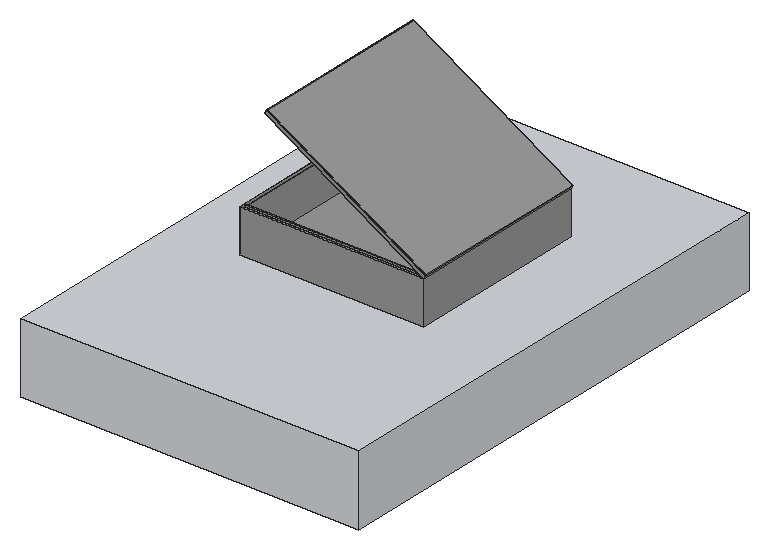
Revit family "Hager-Univers-IP44-D205-H800-Cl.I-Encl-CH-fr", category Equipement électrique, Revit 2020
Family settings
  Hôte = Face
  Configuration du panneau = Deux colonnes, circuits au sein
  Cote de connecteur circulaire = Utiliser le diamètre
  Type d'élément = Tableau de raccordement
  Couper avec des vides une fois chargée = Non
  Partagée = Non
  Point de calcul de pièce = Non
Parameters (values of type "saillie IP44 L800 H800 P205  - FP53TN2")
  Width Control [instance] = if([EF000008 - largeur] > Min Width, [EF000008 - largeur], Min Width)  # 800 mm
  Commentaires du type = [HG000003 - Gamme]  # "Univers"
  Thickness Door [instance] = if([EF009171 - épaisseur de matériau de la porte/du couvercle] > 3 mm, 3 mm, [EF009171 - épaisseur de matériau de la porte/du couvercle])  # 1 mm
  Seal Frame Offset [instance] = 17 mm  # constant formula
  Plinth Visibility [instance] = [HG000027 - Hauteur du socle] > 0 mm  # no
  Model = ""
  Min Width [instance] = 100 mm  # constant formula
  Min Height [instance] = 100 mm  # constant formula
  Min Depth [instance] = (2 * [EF009170 - épaisseur de matériau du boîtier]) + 1 mm  # 3 mm
  Internal Frame Depth [instance] = (Door System Depth * 0.5)  # 9 mm
  Height Control [instance] = if([EF000040 - hauteur] > Min Height, [EF000040 - hauteur], Min Height)  # 800 mm
  HG000027 - Hauteur du socle = 0 mm
  HG000026 - Installation au sol = no
  HG000024 - Hauteur de la section basse = 800 mm
  HG000023 - Armoire double section = no
  HG000016 - Visibilité de la porte 3D [instance] = yes
  HG000015 - Visibilité de l'emprise de la porte [instance] = no
  HG000014 - Porte à droite [instance] = yes
  HG000013 - Porte à gauche [instance] = not([HG000014 - Porte à droite])  # no
  HG000012 - Angle de pivotement de la porte [instance] = 30.00°
  HG000010 - Portes asymétriques = no
  HG000009 - Porte à double battant = no
  HG000006 - Encastré = no
  HG000004 - Référence fabricant = "FP53TN2"
  HG000003 - Gamme = "Univers"
  HG000002 - avec porte = yes
  Frame Offset Bottom [instance] = 10 mm  # constant formula
  Frame Offset [instance] = 15 mm  # constant formula
  EF015940 - couvercle avec décharge de pression = no
  EF011959 - degré de protection (NEMA) = ""
  EF009554 - nombre d'ouvertures pour plaques à bride = 6
  Fabricant = "Hager"  # constant formula
  EF009212 - finition du couvercle = "EV000116 - fermé"
  EF009171 - épaisseur de matériau de la porte/du couvercle = 1 mm
  EF009170 - épaisseur de matériau du boîtier = 1 mm
  EF008873 - courant nominal (In) = 250 A
  EF007800 - adapté à un parafoudre = no
  EF006306 - avec serrure = no
  EF006244 - couvercle/porte transparent(e) = no
  EF005474 - indice de protection (IP) = "EV006418 - IP44"
  EF004464 - type de porte = "EV002646 - unique"
  EF004427 - nombre de modules = 180
  EF004293 - indice de protection contre les chocs (IK) = "EV006815 - IK09"
  EF003532 - convient pour utilisation à l’extérieur = no
  EF002950 - largeur en nombre de modules = 36
  EF001613 - maintien de fonction = "EV000494 - sans"
  EF001596 - matériau du boîtier/corps = "EV000179 - acier"
  EF001131 - profondeur intérieure = 205 mm
  EF001088 - possibilité de montage en saillie = yes
  EF000437 - nombre d'entrées de conduit = 6
  EF000339 - type de capot = "EV001012 - couvercle"
  EF000266 - nombre de rangées = 5
  EF000218 - profondeur d'encastrement = 205 mm
  EF000118 - avec cadre/support de montage = no
  EF000116 - numéro RAL = "9010"
  EF000049 - profondeur = 205 mm
  EF000040 - hauteur = 800 mm
  EF000008 - largeur = 800 mm
  EF000007 - couleur = "EV000202 - blanc"
  EF000003 - mode de pose = "EV000384 - saillie"
  Door System Leaf Tolerance [instance] = 1.5 mm  # constant formula
  Door System Depth [instance] = 18 mm  # constant formula
  Door Height [instance] = Height Control - [HG000027 - Hauteur du socle]  # 800 mm
  Depth Control [instance] = if([EF000049 - profondeur] > Min Depth, [EF000049 - profondeur], Min Depth)  # 205 mm
  Default Elevation = 0 mm
  Connector Offset [instance] = Height Control / 2  # 400 mm
  Bottom Top Plate Trim [instance] = 1.5 mm  # constant formula
  Plinth height Ctrl [instance] = if([HG000027 - Hauteur du socle] > 0 mm, [HG000027 - Hauteur du socle], 12 mm)  # 12 mm
Types (10, lengths in mm): name | Width Control | HG000010 - Portes asymétriques | HG000009 - Porte à double battant | HG000004 - Référence fabricant | EF009554 - nombre d'ouvertures pour plaques à bride | EF004464 - type de porte | EF004427 - nombre de modules | EF002950 - largeur en nombre de modules | EF000437 - nombre d'entrées de conduit | EF000218 - profondeur d'encastrement | EF000008 - largeur
  saillie IP44 L1050 H800 P205  - FP54QT | 1050 | no | no | "FP54QT" | 8 | "EV003602 - double" | 240 | 48 | 8 | 0 | 1050
  saillie IP44 L1050 H800 P205  - FP54TN2 | 1050 | no | yes | "FP54TN2" | 8 | "EV003602 - double" | 240 | 48 | 8 | 205 | 1050
  saillie IP44 L1300 H800 P205  - FP55QT | 1300 | no | no | "FP55QT" | 10 | "EV003602 - double" | 300 | 60 | 10 | 0 | 1300
  saillie IP44 L1300 H800 P205  - FP55TN2 | 1300 | yes | yes | "FP55TN2" | 10 | "EV003602 - double" | 300 | 60 | 10 | 205 | 1300
  saillie IP44 L300 H800 P205  - FP51QT | 300 | no | no | "FP51QT" | 2 | "EV002646 - unique" | 60 | 12 | 2 | 0 | 300
  saillie IP44 L300 H800 P205  - FP51TN2 | 300 | no | no | "FP51TN2" | 2 | "EV002646 - unique" | 60 | 12 | 2 | 205 | 300
  saillie IP44 L550 H800 P205  - FP52QT | 550 | no | no | "FP52QT" | 4 | "EV002646 - unique" | 120 | 24 | 4 | 0 | 550
  saillie IP44 L550 H800 P205  - FP52TN2 | 550 | no | no | "FP52TN2" | 4 | "EV002646 - unique" | 120 | 24 | 4 | 205 | 550
  saillie IP44 L800 H800 P205  - FP53QT | 800 | no | no | "FP53QT" | 6 | "EV002646 - unique" | 180 | 36 | 6 | 0 | 800
  saillie IP44 L800 H800 P205  - FP53TN2 | 800 | no | no | "FP53TN2" | 6 | "EV002646 - unique" | 180 | 36 | 6 | 205 | 800
Reference planes
  plane 1 "Center (Front/Back)": y = 0
  plane 2: z = 0
  plane 3 "Center (Left/Right)": x = 0
  plane 4: z = 205
  plane 5: y = 1
  plane 6: y = 400
  plane 7: y = 0
  plane 8: y = 800
  plane 9: z = 0
  plane 10: x = -385
  plane 11: x = 385
  plane 12: x = 384
  plane 13: x = -384
  plane 14: y = 799
  plane 15: x = -383
  plane 16: x = -400
  plane 17: x = 383
  plane 18: x = 400
  plane 19: x = 399
  plane 20: x = -399
  plane 21: y = 11
  plane 22: y = 800
  plane 23: y = 784
  plane 24: z = 187
  plane 25: z = 1
  plane 26: z = 186
  plane 27: z = 204
Forms (mm)
  Extrusion 1, solid
    sketch origin (0, 0, 0) x (1, 0, 0) y (0, 1, 0)
      loop
        line (-702.964, 1305) -> (-702.964, -811.445) -> (766.763, -811.445) -> (766.763, 1305) -> (-702.964, 1305)
    from 0 to -304.8
  Extrusion 2, solid, material "Hager_Steel_RAL7035_Light_Grey", visible <- "Plinth Visibility", detail levels medium+fine
    sketch origin (0, 0, 0) x (1, 0, 0) y (0, 1, 0)
      loop
        line (-400, 0) -> (400, 0) -> (400, 12) -> (-400, 12) -> (-400, 0)
    from 0 to 187
  Extrusion 3, solid, material "Hager_Steel_RAL7035_Light_Grey", detail levels medium+fine
    sketch origin (0, 0, 0) x (1, 0, 0) y (0, 1, 0)
      loop
        line (-400, 0) -> (400, 0) -> (400, 800) -> (-400, 800) -> (-400, 0)
    from 0 to 187
  Extrusion 4, void
    sketch origin (0, 0, 0) x (1, 0, 0) y (0, 1, 0)
      loop
        line (-399, 1) -> (399, 1) -> (399, 799) -> (-399, 799) -> (-399, 1)
    from 1 to 186
  Extrusion 5, void
    sketch origin (-381.607, -4572, 187) x (0, -1, 0) y (-1, 0, 0)
      loop
        line (-4583, 2.393) -> (-5356, 2.393) -> (-5356, -765.607) -> (-4583, -765.607) -> (-4583, 2.393)
    from 0 to 1 <- "EF009170 - épaisseur de matériau du boîtier"
  Extrusion 6, solid, material "Hager_Steel_RAL7035_Light_Grey", detail levels fine
    sketch origin (0, 0, 187) x (1, 0, 0) y (0, 1, 0)
      loop
        line (-384, 784) -> (-384, 11) -> (384, 11) -> (384, 784) -> (-384, 784)
      loop
        line (-385, 10) -> (385, 10) -> (385, 785) -> (-385, 785) -> (-385, 10)
    from 0 to 9 <- "Internal Frame Depth"
  Extrusion 7, solid, material "Hager_Steel_RAL7035_Light_Grey", detail levels coarse
    sketch origin (0, 0, 0) x (1, 0, 0) y (0, 1, 0)
      loop
        line (-400, 0) -> (400, 0) -> (400, 800) -> (-400, 800) -> (-400, 0)
    from 0 to 205
  Sweep 8, void
    path in 3D
      loop
        line (-400, 12, 0) -> (400, 12, 0) -> (400, 12, 187) -> (-400, 12, 187) -> (-400, 12, 0)
    profile origin (-400, 12, 93.5) x (-1, 0, 0) y (0, -1, 0)
      loop
        line (0, 0) -> (0, 1.5) -> (-1.5, 1.5)
        arc (-1.5, 1.5) -> (-1.061, 0.439) -> (0, 0) r 1.5
Cuts and joins
  Extrusion 4, Extrusion 5 cuts Extrusion 3
  Sweep 8 cuts Extrusion 2
Lines and regions (mm)
  Masking region 1
    outline origin (0, 0, 0) x (1, 0, 0) y (0, 0, 1)
      loop
        line (-400, 205) -> (-400, 0) -> (400, 0) -> (400, 205) -> (-400, 205)
  Masking region 2, detail levels medium+fine
    outline origin (0, 140, 0) x (0, 1, 0) y (0, 0, 1)
      loop
        line (-140, 0) -> (660, 0) -> (660, 187) -> (-140, 187) -> (-140, 0)
  Masking region 3, not visible, detail levels medium+fine
    outline origin (0, 297.922, 0) x (0, 1, 0) y (0, 0, 1)
      loop
        line (113.578, 0) -> (153.578, 0) -> (153.578, 194)
        arc (153.578, 194) -> (150.649, 201.071) -> (143.578, 204) r 10
        line (143.578, 204) -> (113.578, 204) -> (113.578, 0)
  Masking region 4, detail levels coarse
    outline origin (0, 0, 180) x (0, 1, 0) y (0, 0, 1)
      loop
        line (0, -180) -> (800, -180) -> (800, 25) -> (0, 25) -> (0, -180)
  Masking region 5, visible <- "Plinth Visibility", detail levels medium+fine
    outline origin (0, 52.24, 12.345) x (0, 0, -1) y (0, 1, 0)
      loop
        line (10.845, -40.24) -> (-173.155, -40.24)
        arc (-173.155, -40.24) -> (-173.594, -41.301) -> (-174.655, -41.74) r 1.5
        line (-174.655, -41.74) -> (-174.655, -52.24) -> (12.345, -52.24) -> (12.345, -41.74)
        arc (12.345, -41.74) -> (11.285, -41.301) -> (10.845, -40.24) r 1.5
  Masking region 6, detail levels medium+fine
    outline origin (-381.607, -4572, 187) x (-1, 0, 0) y (0, -1, 0)
      loop
        line (18.393, -5372) -> (18.393, -4572) -> (-781.607, -4572) -> (-781.607, -5372) -> (18.393, -5372)
  Masking region 7, visible <- "Plinth Visibility", detail levels medium+fine
    outline origin (-381.607, -4727, 187) x (-1, 0, 0) y (0, -1, 0)
      loop
        arc (16.893, -4739) -> (17.332, -4737.939) -> (18.393, -4737.5) r 1.5
        line (18.393, -4737.5) -> (18.393, -4727) -> (-781.607, -4727) -> (-781.607, -4737.5)
        arc (-781.607, -4737.5) -> (-780.546, -4737.939) -> (-780.107, -4739) r 1.5
        line (-780.107, -4739) -> (16.893, -4739)
  Masking region 8, detail levels coarse
    outline origin (-442.548, -4669.526, 187) x (-1, 0, 0) y (0, -1, 0)
      loop
        line (-42.548, -5469.526) -> (-42.548, -4669.526) -> (-842.548, -4669.526) -> (-842.548, -5469.526) -> (-42.548, -5469.526)
  sketch lines
    curve 1: line (-400, 12, 187) -> (-400, 12, 0)
    curve 2: line (400, 12, 187) -> (-400, 12, 187)
    curve 3: line (400, 12, 187) -> (400, 12, 0)
    curve 4: line (-400, 12, 0) -> (400, 12, 0)
Dimensions and locks
  "Depth Control": plane 4 to Extrusion 1
  "HG000027 - Hauteur du socle": plane 1 "Center (Front/Back)" to plane 7
  "EF009170 - épaisseur de matériau du boîtier": plane 5 to plane 7
  locked: connector elem to plane 3 "Center (Left/Right)"
  equal spacing: plane 8, plane 6, plane 7
  locked: connector elem to plane 6
  "EF009170 - épaisseur de matériau du boîtier": plane 8 to plane 14
  "EF009170 - épaisseur de matériau du boîtier": plane 10 to plane 13
  "EF009170 - épaisseur de matériau du boîtier": plane 12 to plane 11
  "Frame Offset": plane 20 to plane 13
  "Frame Offset": plane 12 to plane 19
  "EF009170 - épaisseur de matériau du boîtier": plane 16 to plane 20
  "EF009170 - épaisseur de matériau du boîtier": plane 19 to plane 18
  "Seal Frame Offset": plane 16 to plane 15
  "Seal Frame Offset": plane 17 to plane 18
  "Frame Offset Bottom": plane 21 to plane 5
  "Frame Offset": plane 14 to plane 23
  equal spacing: plane 16, plane 3 "Center (Left/Right)", plane 18
  "Width Control": plane 16 to plane 18
  "EF009170 - épaisseur de matériau du boîtier": plane 4 to plane 27
  "EF009170 - épaisseur de matériau du boîtier": plane 24 to plane 26
  "EF009170 - épaisseur de matériau du boîtier": plane 25 to level
  "Door System Depth": plane 4 to plane 24
  "Height Control": plane 1 "Center (Front/Back)" to Extrusion 7 sketch curve
  "Height Control": Masking region 4 sketch curve to plane 1 "Center (Front/Back)"
  "Height Control": plane 1 "Center (Front/Back)" to plane 22
  "Bottom Top Plate Trim": profile plane to Sweep 8 sketch curve
  "Bottom Top Plate Trim": Sweep 8 sketch curve to profile plane
  "Plinth height Ctrl": plane 1 "Center (Front/Back)" to Extrusion 2 sketch curve
  "Plinth height Ctrl": Masking region 5 sketch curve to plane 1 "Center (Front/Back)"
  "Plinth height Ctrl": plane 1 "Center (Front/Back)" to Masking region 7 sketch curve
  "Thickness Door": Extrusion 6 sketch curve to Extrusion 6 sketch curve  (x3)
  "Thickness Door": cut or joined group of Extrusion 3, Extrusion 4, Extrusion 5 to Extrusion 6 sketch curve
  radius of Masking region 3 sketch curve = 10 mm
  "Bottom Top Plate Trim": radius of Masking region 5 sketch curve  (x2)
  "Bottom Top Plate Trim": radius of Sweep 8 sketch curve
  "Bottom Top Plate Trim": radius of Masking region 7 sketch curve  (x2)
  aligned and locked: plane 2 to Extrusion 1
  aligned and locked: level to Extrusion 1
  aligned and locked: level to Masking region 1 sketch curve
  aligned and locked: Masking region 1 sketch curve to plane 18
  aligned and locked: Masking region 1 sketch curve to plane 16
  aligned and locked: plane 7 to Masking region 2 sketch curve
  aligned and locked: level to Masking region 3 sketch curve
  aligned and locked: Masking region 3 sketch curve to plane 27
  aligned and locked: level to Masking region 2 sketch curve
  aligned and locked: plane 1 "Center (Front/Back)" to Extrusion 2 sketch curve
  aligned and locked: Extrusion 3 sketch curve to plane 7
  aligned and locked: plane 16 to Extrusion 3 sketch curve
  aligned and locked: plane 18 to Extrusion 3 sketch curve
  aligned and locked: plane 20 to Extrusion 4 sketch curve
  aligned and locked: plane 19 to Extrusion 4 sketch curve
  aligned and locked: Extrusion 4 sketch curve to plane 5
  aligned and locked: Extrusion 4 to plane 25
  aligned and locked: plane 26 to Extrusion 4
  aligned and locked: plane 24 to Extrusion 3
  aligned and locked: Extrusion 5 sketch curve to plane 21
  aligned and locked: Extrusion 5 sketch curve to plane 13
  aligned and locked: Extrusion 5 sketch curve to plane 12
  aligned and locked: plane 18 to Extrusion 7 sketch curve
  aligned and locked: plane 1 "Center (Front/Back)" to Extrusion 7 sketch curve
  aligned and locked: plane 16 to Extrusion 7 sketch curve
  aligned and locked: plane 4 to Extrusion 7
  aligned and locked: Extrusion 7 to level
  aligned and locked: level to Masking region 4 sketch curve
  aligned and locked: Masking region 4 sketch curve to plane 1 "Center (Front/Back)"
  aligned and locked: Masking region 4 sketch curve to plane 4
  aligned and locked: nested 1 to level
  aligned and locked: nested 1 to plane 16
  aligned and locked: plane 8 to Extrusion 3 sketch curve
  aligned and locked: plane 23 to Extrusion 5 sketch curve
  aligned and locked: plane 14 to Extrusion 4 sketch curve
  aligned and locked: Masking region 2 sketch curve to plane 8
  aligned and locked: level to Masking region 5 sketch curve
  aligned and locked: plane 16 to Extrusion 2 sketch curve
  aligned and locked: plane 18 to Extrusion 2 sketch curve
  aligned and locked: Masking region 5 sketch curve to plane 24
  aligned and locked: Masking region 2 sketch curve to plane 24
  aligned and locked: plane 24 to Extrusion 2
  aligned and locked: profile plane to Sweep 8 sketch curve  (x2)
  aligned and locked: Masking region 6 sketch curve to plane 18
  aligned and locked: Masking region 6 sketch curve to plane 22
  aligned and locked: Masking region 6 sketch curve to plane 16
  aligned and locked: plane 8 to plane 22
  aligned and locked: Masking region 6 sketch curve to plane 7
  aligned and locked: Masking region 7 sketch curve to plane 16
  aligned and locked: Masking region 7 sketch curve to plane 1 "Center (Front/Back)"
  aligned and locked: Masking region 7 sketch curve to plane 18
  aligned and locked: Masking region 8 sketch curve to plane 1 "Center (Front/Back)"
  aligned and locked: Masking region 8 sketch curve to plane 18
  aligned and locked: Masking region 8 sketch curve to plane 22
  aligned and locked: Masking region 8 sketch curve to plane 16
  aligned and locked: nested 2 to plane 7
  aligned and locked: plane 3 "Center (Left/Right)" to nested 2
  aligned and locked: nested 2 to plane 24
  aligned and locked: Extrusion 6 sketch curve to cut or joined group of Extrusion 3, Extrusion 4, Extrusion 5  (x4)
Automatic sketch dimensions
  Extrusion 1 sketch curve to Extrusion 1 sketch curve = 1469.727 mm
  Extrusion 1 sketch curve to Extrusion 1 sketch curve = 2116.445 mm
  Masking region 1 sketch curve to plane 4 = 0 mm
  plane 6 to Masking region 3 sketch curve = 11.5 mm
  Masking region 3 sketch curve to Masking region 3 sketch curve = 30 mm
  Masking region 5 sketch curve to plane 1 "Center (Front/Back)" = 0 mm
Nested families
  nested 1: "Hager_Enclosure_Symbol" at (-400, 0, 0) x (1, 0, 0) z (0, -1, 0), Height <- "Depth Control", Width <- "Width Control", type "Hager_Enclosure_Symbol"
    with Width_Ctrl 800 mm, Width 800 mm, Height_Ctrl 205 mm, Height 205 mm, A_Width_Int 13.453 mm, A_Width 161.438 mm, A_Height_Ctrl 179.375 mm, A_Height 179.375 mm
  nested 2: "EC000058_Univers_Door" at (0, 0, 187) x (1, 0, 0) z (0, 1, 0), Leaf_Tolerance <- "Door System Leaf Tolerance", Angle <- "HG000012 - Angle de pivotement de la porte", Door_Depth <- "Door System Depth", Door_Left <- "HG000013 - Porte à gauche", Transparent <- "EF006244 - couvercle/porte transparent(e)", Assymetrical <- "HG000010 - Portes asymétriques", Width <- "Width Control", Clearance <- "HG000015 - Visibilité de l'emprise de la porte", Double <- "HG000009 - Porte à double battant", 3d_Door <- "HG000016 - Visibilité de la porte 3D", Lock_Visibility <- "EF006306 - avec serrure", Width_Ctrl <- "Width Control", Door_Right <- "HG000014 - Porte à droite", Door <- "HG000002 - avec porte", Height <- "Door Height", Thickness <- "Thickness Door", type "EC000058_Univers_Door", detail levels medium+fine
    with min_wh 3 mm, Width_Ctrl 800 mm, Width 800 mm, Transparent no, Thickness 1 mm, Seal_Material Hager_Rubber, Lock_Visibility no, Lock_Material Hager_Plastic_RAL9005_Jet_Black, Leaf_Width 800 mm, Leaf_Tolerance_External_Sides 0 mm, Leaf_Tolerance 1.5 mm, Leaf_Offset 0 mm, Leaf_Height 797 mm, Leaf_2_Width 800 mm, Leaf_2_Offset 400 mm, Leaf_1_Width 800 mm, Leaf_1_Offset 400 mm, Height_Ctrl 800 mm, Height 800 mm, Glass_Material Hager_Glass, Double_Clearance_Ctrl no, Double no, Door_Right_Ctrl yes, Door_Right yes, Door_Material Hager_Steel_RAL7035_Light_Grey, Door_Left_Ctrl no, Door_Left no, Door_Depth 18 mm, Door yes, Clearance_Material Hager_Clearance, Clearance_Depth 800 mm, Clearance_Ctrl no, Clearance no, Assymetrical no, Angle 30.00°, 3d_Door yes
Connectors
  electrical at (0, 400, 0)
    settings: on plane 9, index 1, voltage 0 V, apparent load 0 VA, apparent load phase1 0 VA, apparent load phase2 0 VA, apparent load phase3 0 VA, power factor 1, load classification "Other", number of poles 1, system type 30, power factor state 1, is connector primary yes, connector utility no, sub classification motor no, connector description ""
Definition of nested family "EC000058_Univers_Door"
  Parameters (values of type "EC000058_Univers_Door")
    min_wh [instance] = (2 * Thickness) + 1 mm  # 11 mm
    Width_Ctrl [instance] = 400 mm
    Width [instance] = 500 mm
    Transparent [instance] = yes
    Thickness [instance] = 5 mm
    Seal_Material [instance] = none
    Lock_Visibility [instance] = yes
    Lock_Material [instance] = none
    Leaf_Width [instance] = if((Width_Ctrl - 2 * Leaf_Tolerance_External_Sides) > 0 mm, (Width_Ctrl - 2 * Leaf_Tolerance_External_Sides), min_wh)  # 400 mm
    Leaf_Tolerance_External_Sides [instance] = 0 mm  # constant formula
    Leaf_Tolerance [instance] = 1.5 mm
    Leaf_Offset [instance] = 0 mm  # constant formula
    Leaf_Height [instance] = if((Height_Ctrl - 2 * Leaf_Tolerance) > 0 mm, (Height_Ctrl - 2 * Leaf_Tolerance), min_wh)  # 497 mm
    Leaf_2_Width [instance] = if(and(and(Double, Assymetrical), Door_Left), (Leaf_Width / 3) - (Leaf_Tolerance / 2), if(and(and(Double, Assymetrical), Door_Right), (Leaf_Width / 3) * 2 - (Leaf_Tolerance / 2), if(and(Double, not(Assymetrical)), (Leaf_Width / 2) - Leaf_Tolerance, Leaf_Width)))  # 400 mm
    Leaf_2_Offset [instance] = if(and(Double, Assymetrical), Leaf_2_Width / 2, if(and(Double, not(Assymetrical)), Leaf_Width / 4, Leaf_Width / 2))  # 200 mm
    Leaf_1_Width [instance] = if(and(and(Double, Assymetrical), Door_Right), (Leaf_Width / 3) - (Leaf_Tolerance / 2), if(and(and(Double, Assymetrical), Door_Left), (Width / 3) * 2 - (Leaf_Tolerance / 2), if(and(Double, not(Assymetrical)), (Leaf_Width / 2) - Leaf_Tolerance, Leaf_Width)))  # 400 mm
    Leaf_1_Offset [instance] = if(and(Double, Assymetrical), Leaf_1_Width / 2, if(and(Double, not(Assymetrical)), Leaf_Width / 4, Leaf_Width / 2))  # 200 mm
    Height_Ctrl [instance] = if(Height > min_wh, Height, min_wh)  # 500 mm
    Height [instance] = 500 mm
    Glass_Material [instance] = none
    Double_Clearance_Ctrl [instance] = and(Double, Clearance)  # no
    Double [instance] = no
    Door_Right_Ctrl [instance] = and(or(Door_Right, Double), Door)  # yes
    Door_Right [instance] = yes
    Door_Material [instance] = none
    Door_Left_Ctrl [instance] = and(or(Door_Left, Double), Door)  # no
    Door_Left [instance] = no
    Door_Depth [instance] = 30 mm
    Door [instance] = yes
    Default Elevation = 1219.2 mm
    Clearance_Material [instance] = none
    Clearance_Depth [instance] = if(Leaf_1_Width > Leaf_2_Width, Leaf_1_Width, Leaf_2_Width)  # 400 mm
    Clearance_Ctrl [instance] = and(not(Double), Clearance)  # yes
    Clearance [instance] = yes
    Assymetrical [instance] = yes
    Angle [instance] = 30.00°
    3d_Door [instance] = yes
  Reference planes
    plane 1 "Center (Front/Back)": y = 0
    plane 2 "Bottom": z = 0
    plane 3 "Center (Left/Right)": x = 0
    plane 4: z = 500
    plane 5: x = -200
    plane 6: x = 200
    plane 7: z = 500
    plane 8: x = -200
    plane 9: z = 0
    plane 10: x = 200
    plane 11: y = 0
    plane 12: z = 1.5
    plane 13: x = -600
    plane 14: y = -400
    plane 15: x = 600
    plane 16: x = 0
    plane 17: x = 0
    plane 18: x = -200
    plane 19: x = 200
    plane 20: z = 498.5
  Forms (mm)
    Extrusion 1, solid, material <- "Clearance_Material", visible <- "Double_Clearance_Ctrl"
      sketch origin (1200, 0, 0) x (1, 0, 0) y (0, 0, -1)
        loop
          line (-1800, -498.5) -> (-600, -498.5) -> (-600, 0) -> (-1800, 0) -> (-1800, -498.5)
      from 0 to -400
  Dimensions and locks
    equal spacing: plane 5, plane 3 "Center (Left/Right)", plane 6
    "Width_Ctrl": plane 5 to plane 6
    "Leaf_Offset": plane 5 to plane 8
    "Leaf_Offset": plane 6 to plane 10
    "Leaf_Offset": plane 9 to level
    "Leaf_Offset": plane 4 to plane 7
    "Height_Ctrl": plane 4 to level
    "Leaf_Tolerance": plane 12 to plane 9
    locked: plane 11 to plane 1 "Center (Front/Back)"
    "Leaf_1_Offset": plane 18 to plane 16
    "Leaf_2_Offset": plane 17 to plane 19
    "Leaf_1_Width": plane 13 to plane 8
    "Leaf_2_Width": plane 10 to plane 15
    "Clearance_Depth": plane 14 to plane 1 "Center (Front/Back)"
    "Leaf_Tolerance_External_Sides": plane 8 to plane 18
    "Leaf_Tolerance_External_Sides": plane 19 to plane 10
    "Leaf_Tolerance": plane 7 to plane 20
    aligned and locked: level to plane 2 "Bottom"
    aligned and locked: nested 1 to plane 16
    aligned and locked: nested 2 to plane 17
    aligned and locked: Extrusion 1 to plane 13
    aligned and locked: plane 15 to Extrusion 1
    aligned and locked: Extrusion 1 to plane 14
    aligned and locked: plane 12 to nested 1
    aligned and locked: nested 2 to plane 12
    aligned and locked: Extrusion 1 to plane 11
    aligned and locked: plane 20 to Extrusion 1
    aligned and locked: nested 2 to plane 11
    aligned and locked: nested 1 to plane 11
  Automatic sketch dimensions
    Extrusion 1 sketch curve to level = 0 mm
    plane 5 to Extrusion 1 sketch curve = 400 mm
    plane 6 to Extrusion 1 sketch curve = 400 mm
    Extrusion 1 sketch curve to plane 4 = 1.5 mm
  Nested families
    nested 1: "EC000058_Univers_Door_Leaf" at (0, 0, 1.5), Width <- "Leaf_1_Width", visible <- "Door_Left_Ctrl", Leaf_Height <- "Leaf_Height", Angle <- "Angle", 3d_Door <- "3d_Door", Transparent <- "Transparent", Clearance Material <- "Clearance_Material", Clearance <- "Clearance_Ctrl", Door_Material <- "Door_Material", Glass_Material <- "Glass_Material", Door_Depth <- "Door_Depth", Lock_Material <- "Lock_Material", Seal_Material <- "Seal_Material", Lock_Visibility <- "Lock_Visibility", Thickness <- "Thickness", type "EC000058_Univers_Door_Leaf"
      with Width 400 mm, Transparent_Glass_Offset 30 mm, Transparent_Ctrl yes, Transparent yes, Thickness 5 mm, Standard no, Seal_Material none, Seal_D2 8 mm, Seal_D1 1 mm, Offset_Internal_Frame 10 mm, Lock_Width 20 mm, Lock_Visibility_3d yes, Lock_Visibility yes, Lock_Thickness_3 3 mm, Lock_Thickness_2 1 mm, Lock_Thickness_1 3 mm, Lock_Radius_Offset_2 16 mm, Lock_Radius_Offset_1 15 mm, Lock_Radius_2 5 mm, Lock_Radius 6 mm, Lock_Offset 5 mm, Lock_Material none, Lock_Height 80 mm, Lock_Cover_Top_Offset_2d 17 mm, Lock_Cover_Height -65 mm, Leaf_Height 497 mm, Internal_Seal_Thickness 8 mm, Internal_Seal_Depth_2 4.5 mm, Internal_Frame_Depth 25 mm, Glass_Thickness -1 mm, Glass_Offset -2 mm, Glass_Material none, Door_Material none, Door_Depth 30 mm, Clearance Material none, Clearance yes, Angle_Ctrl 30.00°, Angle 30.00°, 3d_Door yes
    nested 2: "EC000058_Univers_Door_Leaf" at (0, 0, 1.5) x (-1, 0, 0) z (0, 0, 1), Width <- "Leaf_2_Width", visible <- "Door_Right_Ctrl", Leaf_Height <- "Leaf_Height", Angle <- "Angle", 3d_Door <- "3d_Door", Transparent <- "Transparent", Clearance Material <- "Clearance_Material", Clearance <- "Clearance_Ctrl", Door_Material <- "Door_Material", Glass_Material <- "Glass_Material", Door_Depth <- "Door_Depth", Lock_Material <- "Lock_Material", Seal_Material <- "Seal_Material", Lock_Visibility <- "Lock_Visibility", Thickness <- "Thickness", type "EC000058_Univers_Door_Leaf"
      with Width 400 mm, Transparent_Glass_Offset 30 mm, Transparent_Ctrl yes, Transparent yes, Thickness 5 mm, Standard no, Seal_Material none, Seal_D2 8 mm, Seal_D1 1 mm, Offset_Internal_Frame 10 mm, Lock_Width 20 mm, Lock_Visibility_3d yes, Lock_Visibility yes, Lock_Thickness_3 3 mm, Lock_Thickness_2 1 mm, Lock_Thickness_1 3 mm, Lock_Radius_Offset_2 16 mm, Lock_Radius_Offset_1 15 mm, Lock_Radius_2 5 mm, Lock_Radius 6 mm, Lock_Offset 5 mm, Lock_Material none, Lock_Height 80 mm, Lock_Cover_Top_Offset_2d 17 mm, Lock_Cover_Height -65 mm, Leaf_Height 497 mm, Internal_Seal_Thickness 8 mm, Internal_Seal_Depth_2 4.5 mm, Internal_Frame_Depth 25 mm, Glass_Thickness -1 mm, Glass_Offset -2 mm, Glass_Material none, Door_Material none, Door_Depth 30 mm, Clearance Material none, Clearance yes, Angle_Ctrl 30.00°, Angle 30.00°, 3d_Door yes
  Definition of nested family "EC000058_Univers_Door_Leaf"
    Parameters (values of type "EC000058_Univers_Door_Leaf")
      Width [instance] = 2000 mm
      Transparent_Glass_Offset [instance] = 30 mm
      Transparent_Ctrl [instance] = and(Transparent, [3d_Door])  # yes
      Transparent [instance] = yes
      Thickness [instance] = 5 mm
      Standard [instance] = and(not(Transparent), [3d_Door])  # no
      Seal_Material [instance] = none
      Seal_D2 [instance] = 8 mm  # constant formula
      Seal_D1 [instance] = 1 mm  # constant formula
      Offset_Internal_Frame [instance] = 10 mm  # constant formula
      Lock_Width [instance] = 20 mm  # constant formula
      Lock_Visibility_3d [instance] = and(Lock_Visibility, [3d_Door])  # yes
      Lock_Visibility [instance] = yes
      Lock_Thickness_3 [instance] = 3 mm  # constant formula
      Lock_Thickness_2 [instance] = 1 mm  # constant formula
      Lock_Thickness_1 [instance] = 3 mm  # constant formula
      Lock_Radius_Offset_2 [instance] = Lock_Radius_Offset_1 + 1 mm  # 16 mm
      Lock_Radius_Offset_1 [instance] = 15 mm  # constant formula
      Lock_Radius_2 [instance] = Lock_Radius - 1 mm  # 5 mm
      Lock_Radius [instance] = 6 mm  # constant formula
      Lock_Offset [instance] = 5 mm  # constant formula
      Lock_Material [instance] = none
      Lock_Height [instance] = 80 mm  # constant formula
      Lock_Cover_Top_Offset_2d [instance] = Lock_Radius_Offset_2 + 1 mm  # 17 mm
      Lock_Cover_Height [instance] = -(Lock_Height - Lock_Radius_Offset_1)  # -65 mm
      Leaf_Height [instance] = 2720.336 mm
      Internal_Seal_Thickness [instance] = 8 mm  # constant formula
      Internal_Seal_Depth_2 [instance] = 4.5 mm  # constant formula
      Internal_Frame_Depth [instance] = if(Door_Depth - Thickness > 5 mm, Door_Depth - Thickness, 5 mm)  # 25 mm
      Glass_Thickness [instance] = if(Thickness > 15 mm, Glass_Offset + 10 mm, -1 mm)  # -1 mm
      Glass_Offset [instance] = if(Thickness > 15 mm, -(Thickness + 10 mm) / 2, -2 mm)  # -2 mm
      Glass_Material [instance] = none
      Door_Material [instance] = none
      Door_Depth [instance] = 30 mm
      Default Elevation = 0 mm
      Clearance Material [instance] = none
      Clearance [instance] = yes
      Angle_Ctrl [instance] = if(Angle > 180.00°, 180.00°, Angle)  # 90.00°
      Angle [instance] = 90.00°
      3d_Door [instance] = yes
    Reference planes
      plane 1 "Center (Front/Back)": y = 0
      plane 2: z = 0
      plane 3 "Center (Left/Right)": x = 0
      plane 4: y = 2000
      plane 5: x = -1000
      plane 6: x = 1000
      plane 7: x = -3000
      plane 8: z = 2720.336
      plane 9: z = 30
      plane 10: z = 2690.336
      plane 11: x = 970
      plane 12: x = -970
      plane 13: y = -3
      plane 14: z = 107.833
      plane 15: y = -5
      plane 16: y = -223.314
      plane 17: x = -1000
      plane 18: z = 1360.168
      plane 19: y = 30
    Forms (mm)
      Extrusion 1, solid, material <- "Clearance Material", visible <- "Clearance"
        sketch origin (0, 0, 0) x (1, 0, 0) y (0, 0, 1)
          loop
            line (-3000, 2720.336) -> (-3000, 0) -> (1000, 0) -> (1000, 2720.336) -> (-3000, 2720.336)
        from 0 to -2000
      Extrusion 2, solid, material <- "Door_Material", visible <- "Standard", detail levels medium+fine
        sketch origin (-1000, 0, 0) x (0, 1, 0) y (-1, 0, 0)
          loop
            line (0, 30) -> (0, 25) -> (2000, 25) -> (2000, 30) -> (0, 30)
        from 0 to 2720.336 <- "Leaf_Height"
      Extrusion 3, solid, material <- "Door_Material", visible <- "Transparent_Ctrl", detail levels medium+fine
        sketch origin (-1000, 0, 0) x (0, 1, 0) y (-1, 0, 0)
          loop
            line (0, 25) -> (2000, 25) -> (2000, 30) -> (0, 30) -> (0, 25)
        from 0 to 2720.336 <- "Leaf_Height"
      Extrusion 4, void
        sketch origin (-1025, 2000, 0) x (0, 1, 0) y (0, 0, -1)
          loop
            line (-30, -2690.336) -> (-30, -30) -> (-1970, -30) -> (-1970, -2690.336) -> (-30, -2690.336)
        from 0 to 5 <- "Thickness"
      Sweep 5, solid, material <- "Seal_Material", visible <- "Transparent_Ctrl", detail levels fine
        path in 3D
          loop
            line (-1025, 30, 30) -> (-1025, 30, 2690.336) -> (-1025, 1970, 2690.336) -> (-1025, 1970, 30) -> (-1025, 30, 30)
        profile origin (-1025, 1000, 30) x (1, 0, 0) y (0, 0, 1)
          loop
            line (0, 0) -> (0, -8) -> (1, -8) -> (1, 0) -> (0, 0)
      Extrusion 6, solid, material <- "Glass_Material", visible <- "Transparent_Ctrl", detail levels medium+fine
        sketch origin (-1030, 0, 0) x (0, 1, 0) y (0, 0, -1)
          loop
            line (1970, -2690.336) -> (1970, -30) -> (30, -30) -> (30, -2690.336) -> (1970, -2690.336)
        from -2 <- "Glass_Offset" to -1 <- "Glass_Thickness"
      Extrusion 7, solid, material <- "Door_Material", visible <- "3d_Door", detail levels medium+fine
        sketch origin (-1025, 2000, 0) x (0, -1, 0) y (0, 0, -1)
          loop
            line (0, -2720.336) -> (2000, -2720.336) -> (2000, 0) -> (0, 0) -> (0, -2720.336)
          loop
            line (1995, -5) -> (5, -5) -> (5, -2715.336) -> (1995, -2715.336) -> (1995, -5)
        from 0 to 25 <- "Internal_Frame_Depth"
      Sweep 8, solid, material <- "Seal_Material", visible <- "Transparent_Ctrl", detail levels fine
        path in 3D
          loop
            line (-1025, 0, 0) -> (-1025, 2000, 0) -> (-1025, 2000, 2720.336) -> (-1025, 0, 2720.336) -> (-1025, 0, 0)
        profile origin (-1025, 0, 1360.168) x (1, 0, 0) y (0, 1, 0)
          loop
            line (0, 10) -> (2.975, 10)
            arc (2.975, 10) -> (4.053, 10.447) -> (4.5, 11.525) r 1.525
            line (4.5, 11.525) -> (4.5, 16.527)
            arc (4.5, 16.527) -> (4.069, 17.569) -> (3.027, 18) r 1.473
            line (3.027, 18) -> (0, 18) -> (0, 10)
      Extrusion 9, solid, material <- "Lock_Material", visible <- "Lock_Visibility_3d", detail levels fine
        sketch origin (-1030, 0, 0) x (0, 1, 0) y (0, 0, -1)
          loop
            arc (1993.5, -1400.168) -> (1994.561, -1399.729) -> (1995, -1398.668) r 1.5
            line (1995, -1398.668) -> (1995, -1320.168) -> (1975, -1320.168) -> (1975, -1398.668)
            arc (1975, -1398.668) -> (1975.439, -1399.729) -> (1976.5, -1400.168) r 1.5
            line (1976.5, -1400.168) -> (1993.5, -1400.168)
        from 3 <- "Lock_Thickness_1" to 0
      Blend 10, solid, material <- "Lock_Material", visible <- "Lock_Visibility_3d", detail levels fine
        base sketch origin (-1033, 0, 0) x (0, 1, 0) y (0, 0, -1)
          loop
            line (1975, -1320.168) -> (1975, -1398.668)
            arc (1975, -1398.668) -> (1975.439, -1399.729) -> (1976.5, -1400.168) r 1.5
            line (1976.5, -1400.168) -> (1993.5, -1400.168)
            arc (1993.5, -1400.168) -> (1994.561, -1399.729) -> (1995, -1398.668) r 1.5
            line (1995, -1398.668) -> (1995, -1320.168) -> (1975, -1320.168)
        top sketch origin (-1033, 0, 0) x (0, 1, 0) y (0, 0, -1)
          loop
            line (1976, -1320.168) -> (1976, -1398.668)
            arc (1976, -1398.668) -> (1976.146, -1399.022) -> (1976.5, -1399.168) r 0.5
            line (1976.5, -1399.168) -> (1993.5, -1399.168)
            arc (1993.5, -1399.168) -> (1993.854, -1399.022) -> (1994, -1398.668) r 0.5
            line (1994, -1398.668) -> (1994, -1320.168) -> (1976, -1320.168)
        from 0 to 1 <- "Lock_Thickness_2"
      Blend 11, solid, material <- "Lock_Material", visible <- "Lock_Visibility_3d", detail levels fine
        base sketch origin (-1034, 0, 0) x (0, 1, 0) y (0, 0, -1)
          loop
            line (1978, -1320.168) -> (1978, -1384.168)
            arc (1978, -1384.168) -> (1985, -1391.168) -> (1992, -1384.168) r 7
            line (1992, -1384.168) -> (1992, -1320.168) -> (1978, -1320.168)
        top sketch origin (-1034, 0, 0) x (0, 1, 0) y (0, 0, -1)
          loop
            line (1991, -1320.168) -> (1979, -1320.168) -> (1979, -1383.168)
            arc (1979, -1383.168) -> (1985, -1389.168) -> (1991, -1383.168) r 6
            line (1991, -1383.168) -> (1991, -1320.168)
        from 0 to 3 <- "Lock_Thickness_3"
      Extrusion 12, solid, material <- "Lock_Material", visible <- "Lock_Visibility_3d", detail levels fine
        sketch origin (-1030, 1975, 1320.168) x (1, 0, 0) y (0, -1, 0)
          loop
            line (-7, -19) -> (-7, -1) -> (0, -1) -> (0, 0) -> (-8, 0) -> (-8, -20) -> (0, -20) -> (0, -19) -> (-7, -19)
        from 0 to -65 <- "Lock_Cover_Height"
      Extrusion 13, void
        sketch origin (-1038, 1995, 1320.168) x (-1, 0, 0) y (0, 0, -1)
          loop
            line (-5, -65) -> (0, -65) -> (-5, -60) -> (-5, -65)
        from 0 to 20 <- "Lock_Width"
      Extrusion 14, void
        sketch origin (-1038, 1975, 1320.168) x (0, -1, 0) y (0, 0, -1)
          loop
            circle (-10, -15.995) r 6
          loop
            circle (-10, -15.995) r 5
        from 0 to 2
      Extrusion 15, solid, material <- "Lock_Material", visible <- "Lock_Visibility_3d", detail levels medium
        sketch origin (-1030, 0, 0) x (0, 1, 0) y (0, 0, -1)
          loop
            arc (1993.5, -1400.168) -> (1994.561, -1399.729) -> (1995, -1398.668) r 1.5
            line (1995, -1398.668) -> (1995, -1320.168) -> (1975, -1320.168) -> (1975, -1398.668)
            arc (1975, -1398.668) -> (1975.439, -1399.729) -> (1976.5, -1400.168) r 1.5
            line (1976.5, -1400.168) -> (1993.5, -1400.168)
        from 8 to 0
    Cuts and joins
      Extrusion 4 cuts Extrusion 3
      Extrusion 13, Extrusion 14 cuts Extrusion 9
      Extrusion 14 cuts Blend 11
      Extrusion 13, Extrusion 14 cuts Extrusion 12
      joined: Extrusion 9, Blend 10, Blend 11, Extrusion 12
      Extrusion 14 cuts Extrusion 15
    Lines and regions (mm)
      Masking region 1, visible <- "Lock_Visibility", detail levels fine
        outline origin (0, 0, 0) x (0, 1, 0) y (0, 0, 1)
          loop
            line (30, 1320.168) -> (33, 1320.168) -> (33, 1400.168) -> (30, 1400.168) -> (30, 1320.168)
      Masking region 2, visible <- "Lock_Visibility", detail levels fine
        outline origin (0, 3.143, 0) x (0, 1, 0) y (0, 0, 1)
          loop
            line (29.857, 1354.168) -> (30.857, 1354.168) -> (30.857, 1366.168) -> (29.857, 1366.168) -> (29.857, 1354.168)
      Masking region 3, detail levels medium+fine
        outline origin (0, 0, 0) x (0, 1, 0) y (0, 0, 1)
          loop
            line (0, 0) -> (30, 0) -> (30, 2720.336) -> (0, 2720.336) -> (0, 0)
      Masking region 4, detail levels medium+fine
        outline origin (0, 0, 0) x (1, 0, 0) y (0, 0, 1)
          loop
            line (-1000, 2720.336) -> (-1000, 0) -> (1000, 0) -> (1000, 2720.336) -> (-1000, 2720.336)
      Masking region 5, visible <- "Lock_Visibility", detail levels fine
        outline origin (-47.116, 0, 0) x (1, 0, 0) y (0, 0, 1)
          loop
            arc (1024.616, 1399.168) -> (1023.556, 1398.729) -> (1023.116, 1397.668) r 1.5
            line (1023.116, 1397.668) -> (1023.116, 1320.168) -> (1041.116, 1320.168) -> (1041.116, 1397.668)
            arc (1041.116, 1397.668) -> (1040.677, 1398.729) -> (1039.616, 1399.168) r 1.5
            line (1039.616, 1399.168) -> (1024.616, 1399.168)
      Masking region 6, visible <- "Lock_Visibility", detail levels medium+fine
        outline origin (-25, 0, 0) x (1, 0, 0) y (0, 0, 1)
          loop
            arc (1001.5, 1400.168) -> (1000.439, 1399.729) -> (1000, 1398.668) r 1.5
            line (1000, 1398.668) -> (1000, 1320.168) -> (1020, 1320.168) -> (1020, 1398.668)
            arc (1020, 1398.668) -> (1019.561, 1399.729) -> (1018.5, 1400.168) r 1.5
            line (1018.5, 1400.168) -> (1001.5, 1400.168)
      Masking region 7, visible <- "Lock_Visibility", detail levels fine
        outline origin (-73.735, 0, 0) x (1, 0, 0) y (0, 0, 1)
          loop
            line (1051.735, 1382.168) -> (1065.735, 1382.168) -> (1065.735, 1384.168)
            arc (1065.735, 1384.168) -> (1058.735, 1391.168) -> (1051.735, 1384.168) r 7
            line (1051.735, 1384.168) -> (1051.735, 1382.168)
      Masking region 8, visible <- "Lock_Visibility", detail levels fine
        outline origin (-73.735, 0, 0) x (1, 0, 0) y (0, 0, 1)
          loop
            line (1052.735, 1382.168) -> (1064.735, 1382.168) -> (1064.735, 1383.168)
            arc (1064.735, 1383.168) -> (1058.735, 1389.168) -> (1052.735, 1383.168) r 6
            line (1052.735, 1383.168) -> (1052.735, 1382.168)
      Masking region 9, visible <- "Lock_Visibility", detail levels fine
        outline origin (-25, 0, 0) x (1, 0, 0) y (0, 0, 1)
          loop
            line (1020, 1320.168) -> (1020, 1382.168) -> (1000, 1382.168) -> (1000, 1320.168) -> (1020, 1320.168)
      Masking region 10, detail levels medium+fine
        outline origin (0, 0, 0) x (1, 0, 0) y (0, 0, 1)
          loop
            circle (985, 1335.144) r 6
      Masking region 11, detail levels fine
        outline origin (0, 0, 0) x (1, 0, 0) y (0, 0, 1)
          loop
            circle (985, 1335.144) r 5
      Masking region 12, visible <- "Lock_Visibility", detail levels fine
        outline origin (0, 12.767, 0) x (0, 1, 0) y (0, 0, 1)
          loop
            line (20.233, 1320.168) -> (21.233, 1320.168) -> (21.233, 1399.168) -> (20.233, 1400.168) -> (20.233, 1320.168)
      Masking region 13, visible <- "Lock_Visibility", detail levels fine
        outline origin (0, 13.767, -10) x (0, 1, 0) y (0, 0, 1)
          loop
            line (20.233, 1330.168) -> (23.233, 1330.168) -> (23.233, 1399.168) -> (20.233, 1402.168) -> (20.233, 1330.168)
      Masking region 14, visible <- "Lock_Visibility", detail levels fine
        outline origin (0, 12.767, -10) x (0, 1, 0) y (0, 0, 1)
          loop
            line (20.233, 1330.168) -> (25.233, 1330.168) -> (25.233, 1399.305) -> (20.233, 1394.305) -> (20.233, 1330.168)
      Masking region 15, visible <- "Lock_Visibility", detail levels medium
        outline origin (0, 0, 0) x (0, 1, 0) y (0, 0, 1)
          loop
            line (30, 1320.168) -> (38, 1320.168) -> (38, 1400.168) -> (30, 1400.168) -> (30, 1320.168)
      Masking region 16, visible <- "Lock_Visibility", detail levels fine
        outline origin (-1000, 0, 0) x (0, 1, 0) y (-1, 0, 0)
          loop
            line (1975, 30) -> (1995, 30) -> (1995, 38) -> (1975, 38) -> (1975, 30)
          loop
            line (1979, 37) -> (1976, 37) -> (1976, 34) -> (1978, 34) -> (1979, 37)
          loop
            line (1994, 37) -> (1991, 37) -> (1992, 34) -> (1994, 34) -> (1994, 37)
      Masking region 17, visible <- "Lock_Visibility", detail levels medium
        outline origin (-1000, 0, 0) x (0, 1, 0) y (-1, 0, 0)
          loop
            line (1975, 30) -> (1995, 30) -> (1995, 38) -> (1975, 38) -> (1975, 30)
      symbolic lines
        curve 1: line (1000, 0, 0) -> (-3000, 0, 0)
        curve 2: arc (1000, 0, 0) -> (-1000, 2000, 0) -> (-3000, 0, 0) r 2000
        curve 4: line (-1030, 0, 0) -> (-1030, 2000, 0)
      reference lines
        curve 3: line (-1000, 0, 0) -> (-1000, 2000, 0)
      symbolic lines, detail levels medium+fine
        curve 5: line (-1030, 2000, 0) -> (-1025, 2000, 0)
        curve 7: line (-1025, 0, 0) -> (-1030, 0, 0)
        curve 8: line (-1025, 0, 0) -> (-1000, 0, 0)
        curve 9: line (-1000, 0, 0) -> (-1000, 2000, 0)
        curve 10: line (-1000, 2000, 0) -> (-1025, 2000, 0)
      symbolic lines, detail levels fine
        curve 6: line (-1025, 2000, 0) -> (-1025, 0, 0)
      sketch lines
        curve 11: line (-1025, 0, 2720.336) -> (-1025, 0, 0)
        curve 12: line (-1025, 2000, 0) -> (-1025, 0, 0)
        curve 13: line (-1025, 2000, 2720.336) -> (-1025, 2000, 0)
        curve 14: line (-1025, 0, 2720.336) -> (-1025, 2000, 2720.336)
        curve 15: line (-1025, 1970, 30) -> (-1025, 30, 30)
        curve 16: line (-1025, 30, 30) -> (-1025, 30, 2690.336)
        curve 17: line (-1025, 1970, 2690.336) -> (-1025, 1970, 30)
        curve 18: line (-1025, 30, 2690.336) -> (-1025, 1970, 2690.336)
      symbolic lines, visible <- "Transparent", detail levels medium+fine
        curve 19: line (-970, 0, 2690.336) -> (970, 0, 2690.336)
        curve 20: line (-970, 0, 30) -> (-970, 0, 2690.336)
        curve 21: line (970, 0, 30) -> (-970, 0, 30)
        curve 22: line (970, 0, 2690.336) -> (970, 0, 30)
    Dimensions and locks
      "Width": plane 1 "Center (Front/Back)" to plane 4
      equal spacing: plane 5, plane 3 "Center (Left/Right)", plane 6
      "Width": plane 5 to plane 6
      "Width": plane 7 to plane 5
      "Leaf_Height": plane 8 to level
      "Width": curve 5 to curve 3
      "Width": curve 3 to curve 3
      plane 8 to plane 10 = 30 mm
      plane 9 to level = 30 mm
      plane 12 to plane 5 = 30 mm
      plane 6 to plane 11 = 30 mm
      Extrusion 1 to Extrusion 4 sketch curve = 30 mm
      "Transparent_Glass_Offset": curve 3 to Extrusion 4 sketch curve
      "Transparent_Glass_Offset": Extrusion 4 sketch curve to cut or joined group of Extrusion 3, Extrusion 4  (x2)
      cut or joined group of Extrusion 3, Extrusion 4 to Extrusion 6 sketch curve = 30 mm
      "Transparent_Glass_Offset": cut or joined group of Extrusion 3, Extrusion 4 to Extrusion 4 sketch curve
      "Thickness": curve 6 to curve 4
      "Thickness": Extrusion 7 sketch curve to Extrusion 7 sketch curve  (x4)
      "Door_Depth": curve 4 to curve 3
      "Offset_Internal_Frame": profile plane to Sweep 8 sketch curve
      "Internal_Seal_Thickness": Sweep 8 sketch curve to Sweep 8 sketch curve
      "Internal_Seal_Depth_2": profile plane to Sweep 8 sketch curve
      "Seal_D1": profile plane to Sweep 5 sketch curve
      "Seal_D2": profile plane to Sweep 5 sketch curve
      "Thickness": Extrusion 2 sketch curve to Extrusion 2 sketch curve
      equal spacing: Extrusion 9 sketch curve, plane 18, Extrusion 9 sketch curve  (x2)
      equal spacing: Masking region 1 sketch curve, plane 18, Masking region 1 sketch curve
      "Lock_Height": Masking region 1 sketch curve to Masking region 1 sketch curve
      "Lock_Radius": Masking region 2 sketch curve to plane 18 to Masking region 2 sketch curve
      Masking region 2 sketch curve to Masking region 1 = 1 mm
      "Door_Depth": plane 19 to plane 1 "Center (Front/Back)"
      "Lock_Thickness_1": Masking region 1 sketch curve to plane 19
      "Lock_Width": Extrusion 9 sketch curve to Extrusion 9 sketch curve
      "Lock_Height": Extrusion 9 sketch curve to Extrusion 9 sketch curve
      "Lock_Offset": cut or joined group of Extrusion 3, Extrusion 4 to Extrusion 9 sketch curve
      equal spacing: plane 8, plane 18, level
      "Lock_Radius_Offset_1": Blend 11 sketch curve to Blend 10
      locked: Blend 10 to Blend 11 sketch curve at 2  (x2)
      locked: var sketch to Blend 11 sketch curve at 1  (x2)
      "Lock_Radius_Offset_2": Blend 11 sketch curve to Blend 10
      locked: Extrusion 12 sketch curve to Extrusion 12 sketch curve at 1  (x3)
      Masking region 6 sketch curve to Masking region 6 sketch curve = 80 mm
      "Lock_Height": Masking region 6 sketch curve to Masking region 6 sketch curve
      "Lock_Width": Masking region 6 sketch curve to Masking region 6 sketch curve
      locked: Masking region 6 to Masking region 5 sketch curve at 1  (x3)
      locked: Masking region 5 to Masking region 7 sketch curve at 2  (x2)
      "Lock_Radius_Offset_1": Masking region 5 to Masking region 7 sketch curve
      "Lock_Radius_Offset_2": Masking region 5 to Masking region 8 sketch curve
      locked: Masking region 7 to Masking region 8 sketch curve at 1  (x2)
      "Lock_Cover_Top_Offset_2d": Masking region 5 to Masking region 9 sketch curve
      equal spacing: Masking region 9, Masking region 10 sketch curve, Masking region 9
      equal spacing: Masking region 9, Masking region 11 sketch curve, Masking region 9
      Extrusion 15 sketch curve to Extrusion 15 sketch curve = 80 mm
      "Lock_Width": Extrusion 15 sketch curve to Extrusion 15 sketch curve
      "Lock_Height": Extrusion 15 sketch curve to Extrusion 15 sketch curve
      equal spacing: Extrusion 15 sketch curve, plane 18, Extrusion 15 sketch curve
      "Lock_Thickness_3": Masking region 13 sketch curve to Masking region 13 sketch curve
      "Lock_Height": Masking region 12 sketch curve to Masking region 12 sketch curve
      locked: Masking region 13 sketch curve to Masking region 1 at 8
      locked: Masking region 14 sketch curve to Masking region 13 at 1
      locked: Masking region 14 sketch curve to Masking region 1 at 10.863
      "Lock_Height": Masking region 15 sketch curve to Masking region 15 sketch curve
      "Lock_Offset": Extrusion 15 sketch curve to cut or joined group of Extrusion 3, Extrusion 4
      "Lock_Offset": plane 6 to Masking region 6 sketch curve
      radius of Sweep 8 sketch curve = 1.525 mm
      radius of Sweep 8 sketch curve = 1.473 mm
      radius of Extrusion 9 sketch curve = 1.5 mm  (x2)
      "Lock_Radius": radius of Extrusion 14 sketch curve
      "Lock_Radius_2": radius of Extrusion 14 sketch curve
      "Lock_Radius": radius of Masking region 10 sketch curve
      "Lock_Radius_2": radius of Masking region 11 sketch curve
      radius of Extrusion 15 sketch curve = 1.5 mm  (x2)
      "Angle_Ctrl": angle plane 1 "Center (Front/Back)" to curve 3
      locked: Masking region 12 sketch curve to Masking region 12 sketch curve (angle 45.00°)
      locked: Masking region 13 sketch curve to Masking region 13 sketch curve (angle 45.00°)
      locked: Masking region 14 sketch curve to Masking region 14 sketch curve (angle 45.00°)
      aligned and locked: level to plane 2
      aligned and locked: Extrusion 1 to curve 1
      aligned and locked: plane 6 to Extrusion 1
      aligned and locked: Extrusion 1 to plane 1 "Center (Front/Back)"
      aligned and locked: plane 4 to Extrusion 1
      aligned and locked: plane 8 to Extrusion 1
      aligned and locked: curve 7 to Extrusion 2 sketch curve
      aligned and locked: curve 5 to Extrusion 2 sketch curve
      aligned and locked: curve 7 to Extrusion 3 sketch curve
      aligned and locked: Extrusion 3 sketch curve to curve 4
      aligned and locked: Extrusion 3 sketch curve to curve 6
      aligned and locked: Extrusion 3 sketch curve to curve 5
      aligned and locked: curve 9 to curve 3
      aligned and locked: Extrusion 7 sketch curve to cut or joined group of Extrusion 3, Extrusion 4  (x4)
      aligned and locked: plane 17 to curve 3
      aligned and locked: plane 1 "Center (Front/Back)" to curve 3
      aligned and locked: plane 17 to plane 5
      aligned and locked: Sweep 8 sketch curve to profile plane
      aligned and locked: Sweep 5 sketch curve to profile plane  (x2)
      aligned and locked: Masking region 1 to Masking region 2 sketch curve
      aligned and locked: plane 19 to Masking region 1 sketch curve
      aligned and locked: plane 1 "Center (Front/Back)" to Masking region 3 sketch curve
      aligned and locked: plane 19 to Masking region 3 sketch curve
      aligned and locked: level to Masking region 3 sketch curve
      aligned and locked: Masking region 3 sketch curve to plane 8
      aligned and locked: plane 17 to Masking region 4 sketch curve
      aligned and locked: level to Masking region 4 sketch curve
      aligned and locked: Masking region 4 sketch curve to plane 8
      aligned and locked: plane 12 to curve 20
      aligned and locked: plane 10 to curve 19
      aligned and locked: plane 11 to curve 22
      aligned and locked: curve 21 to plane 9
      aligned and locked: Extrusion 2 sketch curve to cut or joined group of Extrusion 3, Extrusion 4
      aligned and locked: Blend 10 sketch curve to Extrusion 9  (x4)
      aligned and locked: Extrusion 9 to Blend 10 sketch curve
      aligned and locked: Blend 10 to Blend 11 sketch curve
      aligned and locked: Extrusion 12 sketch curve to Blend 11
      aligned and locked: Extrusion 12 sketch curve to Extrusion 9  (x4)
      aligned and locked: Masking region 5 sketch curve to Masking region 6
      aligned and locked: Masking region 9 sketch curve to Masking region 6  (x3)
      aligned and locked: Masking region 12 sketch curve to Masking region 1
      aligned and locked: Masking region 13 sketch curve to Masking region 1
      aligned and locked: Masking region 12 to Masking region 14
      aligned and locked: Masking region 14 sketch curve to Masking region 1
      aligned and locked: Masking region 15 sketch curve to Masking region 14
      aligned and locked: Masking region 13 sketch curve to Masking region 12
      aligned and locked: Masking region 16 sketch curve to cut or joined group of Extrusion 14, Extrusion 15  (x4)
      aligned and locked: Masking region 16 sketch curve to cut or joined group of Extrusion 9, Blend 10, Blend 11, Extrusion 12, Extrusion 13, Extrusion 14  (x6)
      aligned and locked: cut or joined group of Extrusion 9, Blend 10, Blend 11, Extrusion 12, Extrusion 13, Extrusion 14 to Masking region 16 sketch curve
      aligned and locked: Masking region 17 sketch curve to cut or joined group of Extrusion 14, Extrusion 15  (x3)
      aligned and locked: Masking region 17 sketch curve to cut or joined group of Extrusion 9, Blend 10, Blend 11, Extrusion 12, Extrusion 13, Extrusion 14
      aligned and locked: Masking region 9 to Masking region 8 sketch curve
      aligned and locked: Masking region 9 to Masking region 7 sketch curve
    Automatic sketch dimensions
      plane 1 "Center (Front/Back)" to curve 2 = 0 mm
      curve 2 to plane 5 = 0 mm
      Extrusion 1 sketch curve to level = 0 mm
      Extrusion 1 sketch curve to plane 7 = 0 mm
      Extrusion 1 sketch curve to plane 6 = 0 mm
      Extrusion 1 sketch curve to plane 8 = 0 mm
      Extrusion 3 to Extrusion 6 sketch curve = 30 mm  (x4)
      Masking region 4 sketch curve to plane 6 = 0 mm
      Blend 10 sketch curve to Extrusion 9 = 1.5 mm
      Blend 10 sketch curve to Extrusion 9 = 1 mm
      Extrusion 13 sketch curve to Extrusion 12 = 0 mm  (x2)
      Extrusion 12 to Extrusion 13 sketch curve = 3 mm
      Extrusion 13 sketch curve to Extrusion 12 = 5 mm
      Extrusion 14 sketch curve to Extrusion 14 sketch curve = 0 mm  (x2)
      Extrusion 14 sketch curve to Extrusion 12 = 10 mm
      Extrusion 14 sketch curve to Extrusion 12 = 15.995 mm
      Masking region 5 sketch curve to Masking region 5 sketch curve = 1.5 mm  (x2)
      Masking region 10 sketch curve to plane 18 = 25.024 mm
      Masking region 11 sketch curve to plane 18 = 25.024 mm
      plane 19 to Masking region 14 sketch curve = 3 mm
      Masking region 16 sketch curve to Masking region 16 sketch curve = 3 mm
      curve 4 to curve 3 = 0 mm
      Blend 10 to Blend 11 sketch curve = 0 mm
      Masking region 6 sketch curve to Masking region 6 sketch curve = 1.5 mm  (x2)
      Masking region 6 sketch curve to plane 18 = 40 mm
      plane 19 to Masking region 12 sketch curve = 3 mm
      Masking region 12 sketch curve to Masking region 12 sketch curve = 1 mm
      Masking region 15 sketch curve to plane 19 = 0 mm
      Masking region 15 sketch curve to plane 18 = 40 mm
      radius of Blend 10 sketch curve to Extrusion 9 = 1 mm
Definition of nested family "Hager_Enclosure_Symbol"
  Parameters (values of type "Hager_Enclosure_Symbol")
    Width_Ctrl [instance] = if(Width > 1 mm, Width, 1 mm)  # 102.27 mm
    Width [instance] = 102.27 mm
    Height_Ctrl [instance] = if(Height > 1 mm, Height, 1 mm)  # 66.5 mm
    A_Width_Int [instance] = if(A_Width / 12 > 2 mm, A_Width / 12, 2 mm)  # 4.364 mm
    A_Width [instance] = if(A_Height_Ctrl * 0.9 > 2 mm, A_Height_Ctrl * 0.9, 2 mm)  # 52.369 mm
    A_Height_Ctrl [instance] = if(A_Height > 2 mm, A_Height, 2 mm)  # 58.188 mm
    Height [instance] = 66.5 mm
    A_Height [instance] = Height - (Height / 8)  # 58.188 mm
  Reference planes
    plane 1 "Centre (avant/arrière)": y = 0
    plane 2: z = 0
    plane 3 "Centre (gauche/droite)": x = 0
    plane 4: x = 52.369
    plane 5: y = 33.042
    plane 6: y = 41.77
    plane 7: y = 66.5
    plane 8: x = 26.184
    plane 9: y = 37.406
    plane 10: x = 102.27
    plane 11: y = 66.5
    plane 12: y = 8.313
  Lines and regions (mm)
    Filled region 1, type "Solid_Black", in view "Niveau de réf."
      outline origin (0, 0, 0) x (1, 0, 0) y (0, 1, 0)
        loop
          line (52.369, 66.5) -> (33.188, 54.536) -> (45.365, 45.006) -> (52.369, 66.5)
    Filled region 2, type "Solid_Black", in view "Niveau de réf."
      outline origin (0, 0, 0) x (1, 0, 0) y (0, 1, 0)
        loop
          line (0, 0) -> (102.27, 0) -> (102.27, 66.5) -> (0, 0)
    detail lines, in view "Niveau de réf."
      curve 1: line (0, 8.313, 0) -> (26.184, 41.77, 0)
      curve 2: line (26.184, 41.77, 0) -> (26.184, 33.042, 0)
      curve 3: line (26.184, 33.042, 0) -> (52.369, 66.5, 0)
  Dimensions and locks
    "A_Width": plane 3 "Centre (gauche/droite)" to plane 4
    equal spacing: plane 3 "Centre (gauche/droite)", plane 8, plane 4
    equal spacing: plane 6, plane 9, plane 5
    equal spacing: curve 3, Filled region 1 sketch curve, Filled region 1 sketch curve
    "Height_Ctrl": plane 1 "Centre (avant/arrière)" to plane 11
    "A_Height_Ctrl": plane 11 to plane 12
    equal spacing: plane 11, plane 9, plane 12
    "A_Width_Int": plane 6 to plane 9
    "Width_Ctrl": plane 3 "Centre (gauche/droite)" to plane 10
    angle Filled region 1 sketch curve to curve 3 = 20.00°
    angle curve 3 to Filled region 1 sketch curve = 20.00°
    locked: curve 3 to Filled region 1 sketch curve (angle 90.00°)
    aligned and locked: plane 10 to Filled region 2
    aligned and locked: plane 11 to Filled region 2 sketch curve
    aligned and locked: plane 10 to Filled region 2 sketch curve
    aligned and locked: plane 3 "Centre (gauche/droite)" to curve 1
    aligned and locked: plane 12 to curve 1
    aligned and locked: plane 7 to plane 11
  Automatic sketch dimensions
    Filled region 1 sketch curve to plane 4 = 0 mm
    Filled region 1 sketch curve to plane 7 = 0 mm
    plane 1 "Centre (avant/arrière)" to Filled region 2 sketch curve = 0 mm
    Filled region 2 sketch curve to plane 3 "Centre (gauche/droite)" = 0 mm
    curve 2 to plane 6 = 0 mm
    curve 2 to plane 8 = 0 mm
    curve 3 to plane 4 = 0 mm
    curve 2 to plane 5 = 0 mm
    curve 3 to plane 7 = 0 mm
